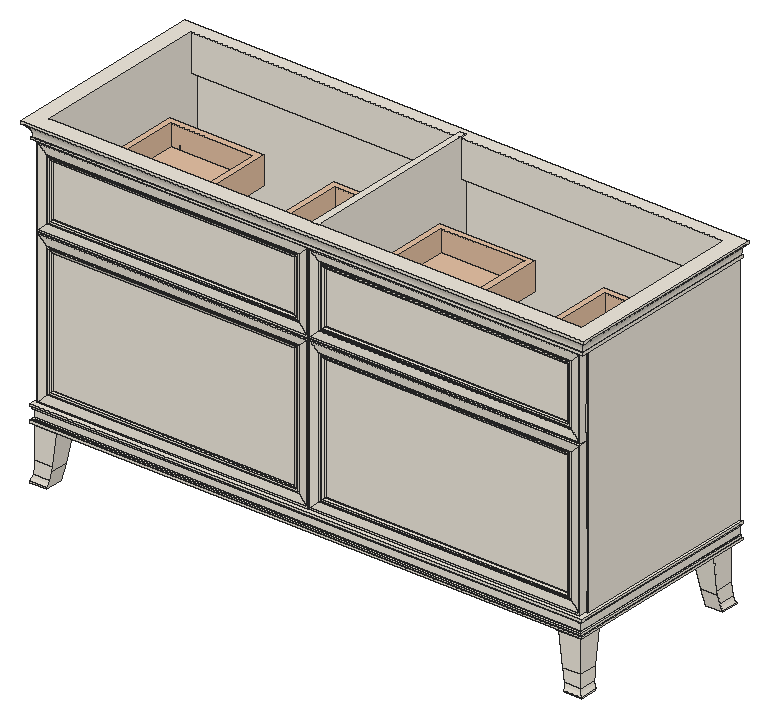
Revit family "Furniture-Floor_Mount-Vanity-KOHLER-HARKEN -K-33560", category Casework, host Face, Revit 2017
Family settings
  Host = Face
  OmniClass Number = 23.31.25.13
  OmniClass Title = Bathroom Cabinets
  Cut with Voids When Loaded = No
  Shared = No
  Room Calculation Point = No
Parameters (values of type "1WA-Linen White")
  Width = 60"  # constant formula
  WaterSense Certified = 1 = 0  # no
  URL = "https://www.us.kohler.com/us/"
  Type = 1
  Product Page URL = "http://www.us.kohler.com/us/catalog/productDetails.jsp?productId=33560-1WA"
  Product Name = "HARKEN"  # constant formula
  Product Documentation Link = "https://www.us.kohler.com/webassets/kpna/catalog/pdf/en/K-33560_spec.pdf"
  Model = if(Type = 1, "K-33560-1WA", if(Type = 2, "K-33560-1WX", "NA"))  # "K-33560-1WA"
  Material = "Solid Wood"  # constant formula
  Master Format 2014 Name = "Bathroom Casework"  # constant formula
  Master Format 2014 = "12 35 30.23"  # constant formula
  Manufacturer Address = "KOHLER Co. 444 Highland Dr. Kohler, WI 53044"  # constant formula
  Manufacturer = "KOHLER Co."  # constant formula
  Product Finish = Kohler-Wood-1WA-Linen_White
  Height = 34.48819"  # constant formula
  Hardware Included = 0 = 1  # no
  Finish = if(Type = 1, "Kohler-Wood-1WA-Linen White", if(Type = 2, "Kohler-Wood-1WX-New_Dark_Grey", "NA"))  # "Kohler-Wood-1WA-Linen White"
  Environmental Product Declaration = ""
  Description = "VANITY 60 INCHES"  # constant formula
  Depth = 21.37795"  # constant formula
  Default Elevation = 0"
  Declare Label = ""
  Date Modified = "02/18/2021"  # constant formula
  Date Created = "02/18/2021"  # constant formula
  Copyright = "Copyright KOHLER Co."  # constant formula
  Contact Us = "https://www.us.kohler.com/us/static/contact.jsp"
  Construction Type = "Floor Mount"  # constant formula
  Assembly Code = "E2010.30"
  ADA Compliant = 1 = 0  # no
Reference planes (in)
  plane 1 "Center (Front/Back)": y = 0
  plane 2: z = 0
  plane 3 "Center (Left/Right)": x = 0
  plane 4: z = 34.48819
  plane 5: x = 28.45669
  plane 6: x = -28.45669
  plane 7: z = 5.70844
  plane 8: x = -30
  plane 9: x = 30
  plane 10: y = 10.68898
  plane 11: y = -10.68898
Dimensions and locks (in)
  "Height": plane 4 to level
  locked: plane 6 to plane 5 at 56.91339
  locked: plane 7 to level at 5.70844
  "Width": plane 8 to plane 9
  "Depth": plane 10 to plane 11
  aligned and locked: plane 2 to host face
  aligned and locked: level to host face
Automatic sketch dimensions
  host sketch curve to host sketch curve = 96"  (x2)
Nested families (in)
  nested 1: "K-33560" at (0, 0, 0), type "K-33560"
Definition of nested family "K-33560"
  Parameters (values of type "K-33560")
    Material = none
  Reference planes (in)
    plane 1 "Center (Front/Back)": y = 0
    plane 2: z = 0
    plane 3 "Center (Left/Right)": x = 0
    plane 4: z = 34.48797
    plane 5: z = 5.70844
    plane 6: x = -30
    plane 7: x = 30
    plane 8: x = 28.45669
    plane 9: x = -28.45669
  Forms (in)
    Sweep 1, solid, material <- "Material"
      path origin (0, 0, 0) x (1, 0, 0) y (0, 1, 0)
        loop
          line (-30, 10.68898) -> (-30, -11.20079) -> (30, -11.20079) -> (30, 10.68898)
      profile origin (0, -11.20079, 0) x (0, 1, 0) y (0, 0, 1)
        loop
          line (4.71667, 34.48797) -> (0, 34.48797) -> (0, 34.17301)
          arc (0, 34.17301) -> (0.55132, 33.64836) -> (0.74803, 32.91317) r 1.40448
          line (0.74803, 32.91317) -> (0.62992, 32.91317) -> (0.62992, 32.67694) -> (4.71667, 32.67694) -> (4.71667, 34.48797)
        loop
          line (4.71667, 7.51946) -> (0.47244, 7.51946) -> (0.47244, 7.28324) -> (0.59055, 7.28324) -> (0.59055, 7.16513)
          arc (0.59055, 7.16513) -> (0.64161, 7.11387) -> (0.66929, 7.04702) r 0.18633
          line (0.66929, 7.04702) -> (0.7874, 7.04702) -> (0.7874, 6.18088) -> (0.66929, 6.18088)
          arc (0.66929, 6.18088) -> (0.64139, 6.11418) -> (0.59055, 6.06277) r 0.18962
          line (0.59055, 6.06277) -> (0.59055, 5.94466) -> (0.47244, 5.94466) -> (0.47244, 5.70844) -> (4.71667, 5.70844) -> (4.71667, 7.51946)
    Extrusion 2, solid, material <- "Material"
      sketch origin (0, 0, 0) x (1, 0, 0) y (0, 0, 1)
        loop
          line (29.05512, 5.70844) -> (29.05512, 34.48797) -> (-29.05512, 34.48797) -> (-29.05512, 5.70844) -> (29.05512, 5.70844)
      from -10.68898 to 9.4685
    Extrusion 3, void
      sketch origin (0, 0, 0) x (1, 0, 0) y (0, 1, 0)
        loop
          line (-28.34646, 9.46817) -> (-28.34646, -9.4685) -> (28.34646, -9.4685) -> (28.34646, 9.46817) -> (-28.34646, 9.46817)
      from 8.22813 to 38.8933
    Extrusion 4, solid, material <- "Material", detail levels medium+fine
      sketch origin (0, 0, 0) x (0, 1, 0) y (0, 0, 1)
        loop
          line (-9.4685, 32.67694) -> (-9.4685, 7.51946) -> (-9.43655, 7.51946) -> (-9.43655, 32.67694) -> (-9.4685, 32.67694)
      from -29.05512 to 29.05512
    Sweep 5, solid, material <- "Material", detail levels medium+fine
      path origin (0, 0, 0) x (1, 0, 0) y (0, 0, 1)
        loop
          line (-0.05905, 32.55883) -> (-28.95669, 32.55883) -> (-28.95669, 23.97616) -> (-0.05905, 23.97616) -> (-0.05905, 32.55883)
      profile origin (-14.50787, 0, 32.55883) x (0, 0, -1) y (0, -1, 0)
        loop
          line (0, 9.58667) -> (3.93701, 9.58667) -> (3.93701, 10.05867) -> (1.53561, 10.05867) -> (1.49606, 10.15753) -> (1.29921, 10.25596) -> (1.1811, 10.25596) -> (1.16142, 10.13785) -> (1.00394, 10.13785) -> (0.98425, 10.25596) -> (0.11811, 10.37407) -> (0, 10.37407) -> (0, 9.58667)
    Extrusion 6, solid, material <- "Material", detail levels medium+fine
      sketch origin (0, 0, 0) x (1, 0, 0) y (0, 0, 1)
        loop
          line (-25.01968, 28.62183) -> (-25.01968, 27.91317) -> (-3.99606, 27.91317) -> (-3.99606, 28.62183) -> (-25.01968, 28.62183)
      from 9.58667 to 10.05867
    Sweep 7, solid, material <- "Material", detail levels medium+fine
      path origin (0, 0, 0) x (1, 0, 0) y (0, 0, 1)
        loop
          line (-0.05905, 23.85805) -> (-28.95669, 23.85805) -> (-28.95669, 7.63757) -> (-0.05905, 7.63757) -> (-0.05905, 23.85805)
      profile origin (-14.50787, 0, 23.85805) x (0, 0, -1) y (0, -1, 0)
        loop
          line (0, 9.5865) -> (6.69291, 9.5865) -> (6.69291, 10.0585) -> (1.53561, 10.0585) -> (1.49606, 10.15737) -> (1.29921, 10.2558) -> (1.1811, 10.2558) -> (1.16142, 10.13769) -> (1.00394, 10.13769) -> (0.98425, 10.2558) -> (0.11811, 10.37391) -> (0, 10.37391) -> (0, 9.5865)
    Extrusion 8, solid, material <- "Material", detail levels medium+fine
      sketch origin (0, 0, 0) x (1, 0, 0) y (0, 0, 1)
        loop
          line (-22.26378, 17.16513) -> (-22.26378, 14.33049) -> (-6.75197, 14.33049) -> (-6.75197, 17.16513) -> (-22.26378, 17.16513)
      from 9.5865 to 10.0585
    Extrusion 9, solid, material <- "Material", detail levels medium+fine
      sketch origin (0, -0.25728, -0.0019) x (0, 1, 0) y (0, 0, 1)
        loop
          arc (-9.24964, 27.71833) -> (-9.30603, 27.69497) -> (-9.32939, 27.63857) r 0.07975
          line (-9.32939, 27.63857) -> (-9.32939, 24.76557) -> (-9.21123, 24.76557) -> (-9.21123, 27.71833) -> (-9.24964, 27.71833)
        loop
          line (-9.21123, 15.51344) -> (-9.25049, 15.51344)
          arc (-9.25049, 15.51344) -> (-9.30616, 15.49038) -> (-9.32923, 15.4347) r 0.07874
          line (-9.32923, 15.4347) -> (-9.32923, 9.60793) -> (-9.21123, 9.60793) -> (-9.21123, 15.51344)
      from -28.95669 to 28.95669
    Sweep 10, solid, material <- "Material", detail levels medium+fine
      path origin (0, 0, 0) x (-1, 0, 0) y (0, 0, 1)
        loop
          line (-0.05905, 32.55883) -> (-28.95669, 32.55883) -> (-28.95669, 23.97616) -> (-0.05905, 23.97616) -> (-0.05905, 32.55883)
      profile origin (14.50787, 0, 32.55883) x (0, 0, 1) y (0, -1, 0)
        loop
          line (0, 9.58667) -> (0, 10.37407) -> (-0.11811, 10.37407) -> (-0.98425, 10.25596) -> (-1.00394, 10.13785) -> (-1.16142, 10.13785) -> (-1.1811, 10.25596) -> (-1.29921, 10.25596) -> (-1.49606, 10.15753) -> (-1.53561, 10.05867) -> (-3.93701, 10.05867) -> (-3.93701, 9.58667) -> (0, 9.58667)
    Sweep 11, solid, material <- "Material", detail levels medium+fine
      path origin (0, 0, 0) x (-1, 0, 0) y (0, 0, 1)
        loop
          line (-0.05905, 23.85805) -> (-28.95669, 23.85805) -> (-28.95669, 7.63757) -> (-0.05905, 7.63757) -> (-0.05905, 23.85805)
      profile origin (14.50787, 0, 23.85805) x (0, 0, 1) y (0, -1, 0)
        loop
          line (0, 9.5865) -> (0, 10.37391) -> (-0.11811, 10.37391) -> (-0.98425, 10.2558) -> (-1.00394, 10.13769) -> (-1.16142, 10.13769) -> (-1.1811, 10.2558) -> (-1.29921, 10.2558) -> (-1.49606, 10.15737) -> (-1.53561, 10.0585) -> (-6.69291, 10.0585) -> (-6.69291, 9.5865) -> (0, 9.5865)
    Extrusion 12, solid, material <- "Material", detail levels medium+fine
      sketch origin (0, 0, 0) x (-1, 0, 0) y (0, 0, -1)
        loop
          line (-25.01968, -28.62183) -> (-3.99606, -28.62183) -> (-3.99606, -27.91317) -> (-25.01968, -27.91317) -> (-25.01968, -28.62183)
      from 9.58667 to 10.05867
    Extrusion 13, solid, material <- "Material", detail levels medium+fine
      sketch origin (0, 0, 0) x (-1, 0, 0) y (0, 0, -1)
        loop
          line (-22.26378, -17.16513) -> (-6.75197, -17.16513) -> (-6.75197, -14.33049) -> (-22.26378, -14.33049) -> (-22.26378, -17.16513)
      from 9.5865 to 10.0585
    Extrusion 14, solid, material <- "Material", detail levels medium+fine
      sketch origin (0, 0, 0) x (1, 0, 0) y (0, 0, 1)
        loop
          arc (-29.05777, 2.07893) -> (-29.07485, 1.43058) -> (-29.14049, 0.78533) r 8.64397
          arc (-29.14049, 0.78533) -> (-29.2238, 0.4403) -> (-29.37273, 0.11811) r 1.81328
          line (-29.37273, 0.11811) -> (-29.37273, 0) -> (-27.56171, 0)
          arc (-27.56171, 0) -> (-27.37862, 0.78501) -> (-27.24268, 1.57954) r 13.51115
          line (-27.24268, 1.57954) -> (-26.69557, 5.47244) -> (-29.05777, 5.47244) -> (-29.05777, 2.07893)
      from 7.22501 to 11.50413
    Extrusion 15, void
      sketch origin (0, 0, 0) x (0, 1, 0) y (0, 0, 1)
        loop
          arc (-10.41339, 2.07893) -> (-10.43409, 1.43081) -> (-10.4961, 0.78533) r 10.15706
          arc (-10.4961, 0.78533) -> (-10.57753, 0.43964) -> (-10.72835, 0.11812) r 1.71658
          line (-10.72835, 0.11812) -> (-10.72835, 0) -> (-8.91732, 0)
          arc (-8.91732, 0) -> (-8.73424, 0.78501) -> (-8.59829, 1.57954) r 13.51115
          line (-8.59829, 1.57954) -> (-8.05118, 5.47244) -> (-10.41339, 5.47244) -> (-10.41339, 2.07893)
        loop
          line (-11.72111, 6.21798) -> (-11.72111, -0.47493) -> (-7.09512, -0.47493) -> (-7.09512, 6.21798) -> (-11.72111, 6.21798)
      from -34.73225 to 35.74638
    Extrusion 16, solid, material <- "Material", detail levels medium+fine
      sketch origin (0, 0, 0) x (-1, 0, 0) y (0, 0, -1)
        loop
          line (-29.05777, -2.07893) -> (-29.05777, -5.47244) -> (-26.69557, -5.47244) -> (-27.24268, -1.57954)
          arc (-27.24268, -1.57954) -> (-27.37862, -0.78501) -> (-27.56171, 0) r 13.51115
          line (-27.56171, 0) -> (-29.37273, 0) -> (-29.37273, -0.11811)
          arc (-29.37273, -0.11811) -> (-29.2238, -0.4403) -> (-29.14049, -0.78533) r 1.81328
          arc (-29.14049, -0.78533) -> (-29.07485, -1.43058) -> (-29.05777, -2.07893) r 8.64397
      from 7.22501 to 11.50413
    Extrusion 17, solid, material <- "Material", detail levels medium+fine
      sketch origin (0, 0, 0) x (-1, 0, 0) y (0, 0, 1)
        loop
          arc (-29.05777, 2.07893) -> (-29.07485, 1.43058) -> (-29.14049, 0.78533) r 8.64397
          arc (-29.14049, 0.78533) -> (-29.2238, 0.4403) -> (-29.37273, 0.11811) r 1.81328
          line (-29.37273, 0.11811) -> (-29.37273, 0) -> (-27.56171, 0)
          arc (-27.56171, 0) -> (-27.37862, 0.78501) -> (-27.24268, 1.57954) r 13.51115
          line (-27.24268, 1.57954) -> (-26.69557, 5.47244) -> (-29.05777, 5.47244) -> (-29.05777, 2.07893)
      from 7.05316 to 10.17717
    Extrusion 18, solid, material <- "Material", detail levels medium+fine
      sketch origin (0, 0, 0) x (1, 0, 0) y (0, 0, -1)
        loop
          line (-29.05777, -2.07893) -> (-29.05777, -5.47244) -> (-26.69557, -5.47244) -> (-27.24268, -1.57954)
          arc (-27.24268, -1.57954) -> (-27.37862, -0.78501) -> (-27.56171, 0) r 13.51115
          line (-27.56171, 0) -> (-29.37273, 0) -> (-29.37273, -0.11811)
          arc (-29.37273, -0.11811) -> (-29.2238, -0.4403) -> (-29.14049, -0.78533) r 1.81328
          arc (-29.14049, -0.78533) -> (-29.07485, -1.43058) -> (-29.05777, -2.07893) r 8.64397
      from 7.09512 to 10.17717
    Extrusion 19, void
      sketch origin (0, 0, 0) x (0, 1, 0) y (0, 0, 1)
        loop
          line (9.58692, 2.07893) -> (9.58692, 5.47244) -> (7.22471, 5.47244) -> (7.77182, 1.57954)
          arc (7.77182, 1.57954) -> (7.90777, 0.78501) -> (8.09085, 0) r 13.51115
          line (8.09085, 0) -> (9.90188, 0) -> (9.90188, 0.11812)
          arc (9.90188, 0.11812) -> (9.75106, 0.43964) -> (9.66963, 0.78533) r 1.71658
          arc (9.66963, 0.78533) -> (9.60762, 1.43081) -> (9.58692, 2.07893) r 10.15706
        loop
          line (10.89464, 6.21798) -> (6.26865, 6.21798) -> (6.26865, -0.47493) -> (10.89464, -0.47493) -> (10.89464, 6.21798)
      from -33.62709 to 32.43652
    Extrusion 20, solid, material <- "Material", detail levels medium+fine
      sketch origin (0, 0, 0) x (1, 0, 0) y (0, 1, 0)
        loop
          line (-27.38479, -6.20972) -> (-29.05512, -7.88005) -> (-29.05512, -10.41339) -> (-26.52178, -10.41339) -> (-24.85145, -8.74305)
          arc (-24.85145, -8.74305) -> (-24.79379, -8.60386) -> (-24.85145, -8.46467) r 0.19685
          line (-24.85145, -8.46467) -> (-27.1064, -6.20972)
          arc (-27.1064, -6.20972) -> (-27.24559, -6.15206) -> (-27.38479, -6.20972) r 0.19685
        loop
          line (27.38479, 5.38541) -> (29.05512, 7.05574) -> (29.05512, 9.58907) -> (26.52178, 9.58907) -> (24.85145, 7.91874)
          arc (24.85145, 7.91874) -> (24.79379, 7.77955) -> (24.85145, 7.64036) r 0.19685
          line (24.85145, 7.64036) -> (27.1064, 5.38541)
          arc (27.1064, 5.38541) -> (27.24559, 5.32775) -> (27.38479, 5.38541) r 0.19685
        loop
          arc (-27.38479, 5.38283) -> (-27.24559, 5.32517) -> (-27.1064, 5.38283) r 0.19685
          line (-27.1064, 5.38283) -> (-24.85145, 7.63778)
          arc (-24.85145, 7.63778) -> (-24.79379, 7.77697) -> (-24.85145, 7.91617) r 0.19685
          line (-24.85145, 7.91617) -> (-26.52178, 9.5865) -> (-29.05512, 9.5865) -> (-29.05512, 7.05316) -> (-27.38479, 5.38283)
        loop
          arc (27.38479, -6.20972) -> (27.24559, -6.15206) -> (27.1064, -6.20972) r 0.19685
          line (27.1064, -6.20972) -> (24.85145, -8.46467)
          arc (24.85145, -8.46467) -> (24.7938, -8.60386) -> (24.85145, -8.74305) r 0.19685
          line (24.85145, -8.74305) -> (26.52178, -10.41339) -> (29.05512, -10.41339) -> (29.05512, -7.88005) -> (27.38479, -6.20972)
      from 5.47244 to 5.94466
    Extrusion 21, solid
      sketch origin (0, 0, 0) x (1, 0, 0) y (0, 1, 0)
        loop
          line (-18.0709, 6.3584) -> (-28.14946, 6.3584) -> (-28.14946, -9.4685) -> (-0.62976, -9.4685) -> (-0.62976, 6.3584) -> (-10.70831, 6.3584) -> (-10.70831, -2.89359) -> (-18.0709, -2.89359) -> (-18.0709, 6.3584)
        loop
          line (-18.0709, -8.99595) -> (-10.70831, -8.99595) -> (-10.70831, -3.48414) -> (-18.0709, -3.48414) -> (-18.0709, -8.99595)
        loop
          line (-27.5589, -8.99595) -> (-18.66146, -8.99595) -> (-18.66146, 5.76785) -> (-27.5589, 5.76785) -> (-27.5589, -8.99595)
        loop
          line (-1.22031, -8.99595) -> (-1.22031, 5.76785) -> (-10.11776, 5.76785) -> (-10.11776, -8.99595) -> (-1.22031, -8.99595)
      from 24.76356 to 27.71643
    Extrusion 22, solid
      sketch origin (0, 0, 0) x (1, 0, 0) y (0, 1, 0)
        loop
          line (-18.0709, -8.99595) -> (-10.70831, -8.99595) -> (-10.70831, -3.48414) -> (-18.0709, -3.48414) -> (-18.0709, -8.99595)
        loop
          line (-27.5589, -8.99595) -> (-18.66146, -8.99595) -> (-18.66146, 5.76785) -> (-27.5589, 5.76785) -> (-27.5589, -8.99595)
        loop
          line (-1.22031, -8.99595) -> (-1.22031, 5.76785) -> (-10.11776, 5.76785) -> (-10.11776, -8.99595) -> (-1.22031, -8.99595)
      from 25.15726 to 25.47222
    Extrusion 23, solid
      sketch origin (0, 0, 0) x (-1, 0, 0) y (0, -1, 0)
        loop
          line (-18.0709, -6.3584) -> (-18.0709, 2.89359) -> (-10.70831, 2.89359) -> (-10.70831, -6.3584) -> (-0.62976, -6.3584) -> (-0.62976, 9.4685) -> (-28.14946, 9.4685) -> (-28.14946, -6.3584) -> (-18.0709, -6.3584)
        loop
          line (-18.0709, 8.99595) -> (-18.0709, 3.48414) -> (-10.70831, 3.48414) -> (-10.70831, 8.99595) -> (-18.0709, 8.99595)
        loop
          line (-27.5589, 8.99595) -> (-27.5589, -5.76785) -> (-18.66146, -5.76785) -> (-18.66146, 8.99595) -> (-27.5589, 8.99595)
        loop
          line (-1.22031, 8.99595) -> (-10.11776, 8.99595) -> (-10.11776, -5.76785) -> (-1.22031, -5.76785) -> (-1.22031, 8.99595)
      from 24.76356 to 27.71643
    Extrusion 24, solid
      sketch origin (0, 0, 0) x (-1, 0, 0) y (0, -1, 0)
        loop
          line (-18.0709, 8.99595) -> (-18.0709, 3.48414) -> (-10.70831, 3.48414) -> (-10.70831, 8.99595) -> (-18.0709, 8.99595)
        loop
          line (-27.5589, 8.99595) -> (-27.5589, -5.76785) -> (-18.66146, -5.76785) -> (-18.66146, 8.99595) -> (-27.5589, 8.99595)
        loop
          line (-1.22031, 8.99595) -> (-10.11776, 8.99595) -> (-10.11776, -5.76785) -> (-1.22031, -5.76785) -> (-1.22031, 8.99595)
      from 25.15726 to 25.47222
    Extrusion 25, solid, material <- "Material"
      sketch origin (0, 0, 0) x (1, 0, 0) y (0, 1, 0)
        loop
          line (-0.35433, -9.43655) -> (0.35433, -9.43655) -> (0.35433, 10.17717) -> (-0.35433, 10.17717) -> (-0.35433, -9.43655)
      from 5.70844 to 34.48797
    Extrusion 26, solid
      sketch origin (0, 0, 0) x (1, 0, 0) y (0, 0, 1)
        loop
          line (28.14946, 9.60613) -> (28.14946, 15.4355)
          arc (28.14946, 15.4355) -> (28.12716, 15.48934) -> (28.07332, 15.51164) r 0.07614
          line (28.07332, 15.51164) -> (27.63388, 15.51164)
          arc (27.63388, 15.51164) -> (27.58087, 15.48968) -> (27.55891, 15.43666) r 0.07498
          line (27.55891, 15.43666) -> (27.55891, 10.27542) -> (18.66127, 10.27542) -> (18.66127, 15.43462)
          arc (18.66127, 15.43462) -> (18.63871, 15.48908) -> (18.58425, 15.51164) r 0.07702
          line (18.58425, 15.51164) -> (18.14982, 15.51164)
          arc (18.14982, 15.51164) -> (18.09389, 15.48847) -> (18.07072, 15.43253) r 0.0791
          line (18.07072, 15.43253) -> (18.07072, 10.27542) -> (10.7085, 10.27542) -> (10.7085, 15.43286)
          arc (10.7085, 15.43286) -> (10.68542, 15.48856) -> (10.62972, 15.51164) r 0.07878
          line (10.62972, 15.51164) -> (10.19553, 15.51164)
          arc (10.19553, 15.51164) -> (10.14067, 15.48892) -> (10.11795, 15.43406) r 0.07758
          line (10.11795, 15.43406) -> (10.11795, 10.2951) -> (1.22034, 10.2951) -> (1.22034, 15.43666)
          arc (1.22034, 15.43666) -> (1.19838, 15.48968) -> (1.14536, 15.51164) r 0.07498
          line (1.14536, 15.51164) -> (0.70593, 15.51164)
          arc (0.70593, 15.51164) -> (0.65209, 15.48934) -> (0.62979, 15.4355) r 0.07614
          line (0.62979, 15.4355) -> (0.62979, 9.60613) -> (1.22034, 9.60613) -> (1.22034, 10.07857) -> (27.55891, 10.07857) -> (27.55891, 9.60613) -> (28.14946, 9.60613)
      from -7.85473 to 9.84252
    Extrusion 27, solid
      sketch origin (0, 0, 0) x (0, 1, 0) y (0, 0, 1)
        loop
          line (7.73635, 15.4329) -> (7.73635, 9.60613) -> (8.3269, 9.60613) -> (8.3269, 15.4329)
          arc (8.3269, 15.4329) -> (8.30384, 15.48858) -> (8.24816, 15.51164) r 0.07874
          line (8.24816, 15.51164) -> (7.81509, 15.51164)
          arc (7.81509, 15.51164) -> (7.75941, 15.48858) -> (7.73635, 15.4329) r 0.07874
      from 0.35433 to 28.14946
    Extrusion 28, void
      sketch origin (0, 0, 0) x (1, 0, 0) y (0, 0, 1)
        loop
          line (18.07071, 13.42502) -> (18.07071, 16.51972) -> (10.70851, 16.51972) -> (10.70851, 13.42118)
          arc (10.70851, 13.42118) -> (10.84575, 13.08983) -> (11.1771, 12.95258) r 0.46859
          line (11.1771, 12.95258) -> (17.59827, 12.95258)
          arc (17.59827, 12.95258) -> (17.93234, 13.09096) -> (18.07071, 13.42502) r 0.47244
      from -9.5865 to -6.00408
    Extrusion 29, void
      sketch origin (0, 0, 0) x (1, 0, 0) y (0, 0, 1)
        loop
          arc (-18.07071, 13.42502) -> (-17.93234, 13.09096) -> (-17.59827, 12.95258) r 0.47244
          line (-17.59827, 12.95258) -> (-11.1771, 12.95258)
          arc (-11.1771, 12.95258) -> (-10.84575, 13.08983) -> (-10.70851, 13.42118) r 0.46859
          line (-10.70851, 13.42118) -> (-10.70851, 16.51972) -> (-18.07071, 16.51972) -> (-18.07071, 13.42502)
      from -9.58692 to -6.3584
    Extrusion 30, solid
      sketch origin (0, 0, 0) x (0, 1, 0) y (0, 0, -1)
        loop
          arc (7.73635, -15.4329) -> (7.75941, -15.48858) -> (7.81509, -15.51164) r 0.07874
          line (7.81509, -15.51164) -> (8.24816, -15.51164)
          arc (8.24816, -15.51164) -> (8.30384, -15.48858) -> (8.3269, -15.4329) r 0.07874
          line (8.3269, -15.4329) -> (8.3269, -9.60613) -> (7.73635, -9.60613) -> (7.73635, -15.4329)
      from 0.35433 to 28.14946
    Extrusion 31, solid
      sketch origin (0, 0, 0) x (-1, 0, 0) y (0, 0, -1)
        loop
          line (28.14946, -9.60613) -> (27.55891, -9.60613) -> (27.55891, -10.07857) -> (1.22034, -10.07857) -> (1.22034, -9.60613) -> (0.62979, -9.60613) -> (0.62979, -15.4355)
          arc (0.62979, -15.4355) -> (0.65209, -15.48934) -> (0.70593, -15.51164) r 0.07614
          line (0.70593, -15.51164) -> (1.14536, -15.51164)
          arc (1.14536, -15.51164) -> (1.19838, -15.48968) -> (1.22034, -15.43666) r 0.07498
          line (1.22034, -15.43666) -> (1.22034, -10.2951) -> (10.11795, -10.2951) -> (10.11795, -15.43406)
          arc (10.11795, -15.43406) -> (10.14067, -15.48892) -> (10.19553, -15.51164) r 0.07758
          line (10.19553, -15.51164) -> (10.62972, -15.51164)
          arc (10.62972, -15.51164) -> (10.68542, -15.48856) -> (10.7085, -15.43286) r 0.07878
          line (10.7085, -15.43286) -> (10.7085, -10.27542) -> (18.07072, -10.27542) -> (18.07072, -15.43253)
          arc (18.07072, -15.43253) -> (18.09389, -15.48847) -> (18.14982, -15.51164) r 0.0791
          line (18.14982, -15.51164) -> (18.58425, -15.51164)
          arc (18.58425, -15.51164) -> (18.63871, -15.48908) -> (18.66127, -15.43462) r 0.07702
          line (18.66127, -15.43462) -> (18.66127, -10.27542) -> (27.55891, -10.27542) -> (27.55891, -15.43666)
          arc (27.55891, -15.43666) -> (27.58087, -15.48968) -> (27.63388, -15.51164) r 0.07498
          line (27.63388, -15.51164) -> (28.07332, -15.51164)
          arc (28.07332, -15.51164) -> (28.12716, -15.48934) -> (28.14946, -15.4355) r 0.07614
          line (28.14946, -15.4355) -> (28.14946, -9.60613)
      from -7.85473 to 9.4685
    Extrusion 32, solid, material <- "Material", detail levels medium+fine
      sketch origin (12.01312, 0, 15.14656) x (1, 0, 0) y (0, 0, 1)
        loop
          line (15.3947, 10.59077) -> (15.20556, 10.63015)
          arc (15.20556, 10.63015) -> (14.69655, 10.40376) -> (15.20556, 10.17738) r 0.30485
          line (15.20556, 10.17738) -> (15.3947, 10.21676) -> (15.50202, 10.21676) -> (15.58651, 10.40376) -> (15.50202, 10.59077) -> (15.3947, 10.59077)
      from -6.71135 to -6.65308
    Extrusion 33, solid, material <- "Material", detail levels medium+fine
      sketch origin (12.01034, 0, 15.15685) x (1, 0, 0) y (0, 0, 1)
        loop
          line (14.32627, 9.39422) -> (15.49556, 9.39422) -> (15.49556, 10.01423)
          arc (15.49556, 10.01423) -> (15.47652, 10.06021) -> (15.43053, 10.07926) r 0.06503
          line (15.43053, 10.07926) -> (14.39443, 10.07926)
          arc (14.39443, 10.07926) -> (14.34624, 10.0593) -> (14.32627, 10.01111) r 0.06815
          line (14.32627, 10.01111) -> (14.32627, 9.39422)
      from -6.71135 to 8.28773
    Extrusion 34, solid, material <- "Material", detail levels medium+fine
      sketch origin (12.00788, 0, 15.15685) x (1, 0, 0) y (0, 0, 1)
        loop
          line (15.27638, 9.39422) -> (14.55197, 9.39422) -> (14.55197, 9.28652)
          arc (14.55197, 9.28652) -> (14.5439, 9.26705) -> (14.52443, 9.25898) r 0.02754
          line (14.52443, 9.25898) -> (14.30394, 9.25898) -> (14.30394, 9.20052) -> (15.27638, 9.20052) -> (15.27638, 9.39422)
      from -6.53419 to 5.49337
    Extrusion 35, solid, material <- "Material"
      sketch origin (12.00465, 0, 15.16015) x (1, 0, 0) y (0, 0, 1)
        loop
          line (14.90599, 9.03167) -> (16.15266, 9.03167)
          arc (16.15266, 9.03167) -> (16.28629, 9.08702) -> (16.34164, 9.22065) r 0.18898
          line (16.34164, 9.22065) -> (16.3418, 10.90175) -> (16.27077, 10.90175) -> (16.27077, 10.8053) -> (16.2314, 10.75411) -> (16.2314, 9.71081) -> (16.27077, 9.65963) -> (16.27077, 9.2185)
          arc (16.27077, 9.2185) -> (16.23681, 9.1365) -> (16.15481, 9.10254) r 0.11596
          line (16.15481, 9.10254) -> (14.90425, 9.10254)
          arc (14.90425, 9.10254) -> (14.87668, 9.11396) -> (14.86526, 9.14153) r 0.039
          line (14.86526, 9.14153) -> (14.86526, 9.19722) -> (14.79439, 9.19722) -> (14.79439, 9.14327)
          arc (14.79439, 9.14327) -> (14.82708, 9.06436) -> (14.90599, 9.03167) r 0.1116
      from -5.58126 to 8.03274
    Extrusion 36, solid, material <- "Material"
      sketch origin (0, 0, 0) x (1, 0, 0) y (0, 0, 1)
        loop
          line (28.22047, 24.55009) -> (27.77501, 24.55009) -> (27.77501, 24.26269) -> (28.22047, 24.26269) -> (28.22047, 24.55009)
      from -3.95133 to 6.04913
    Extrusion 37, solid, material <- "Material", detail levels medium+fine
      sketch origin (0, 0, 0) x (1, 0, 0) y (0, 0, 1)
        loop
          line (27.30906, 25.89359) -> (26.58071, 25.89359) -> (26.58071, 25.23611) -> (27.44685, 25.23611) -> (27.44685, 25.76761) -> (27.30906, 25.76761) -> (27.30906, 25.89359)
      from -6.65308 to -5.83754
    Extrusion 38, solid, material <- "Material", detail levels medium+fine
      sketch origin (-12.01312, 0, 15.14656) x (-1, 0, 0) y (0, 0, -1)
        loop
          line (15.3947, -10.59077) -> (15.50202, -10.59077) -> (15.58651, -10.40376) -> (15.50202, -10.21676) -> (15.3947, -10.21676) -> (15.20556, -10.17738)
          arc (15.20556, -10.17738) -> (14.69655, -10.40376) -> (15.20556, -10.63015) r 0.30485
          line (15.20556, -10.63015) -> (15.3947, -10.59077)
      from -6.71135 to -6.65308
    Extrusion 39, solid, material <- "Material", detail levels medium+fine
      sketch origin (-12.01034, 0, 15.15685) x (-1, 0, 0) y (0, 0, -1)
        loop
          line (14.32627, -9.39422) -> (14.32627, -10.01111)
          arc (14.32627, -10.01111) -> (14.34624, -10.0593) -> (14.39443, -10.07926) r 0.06815
          line (14.39443, -10.07926) -> (15.43053, -10.07926)
          arc (15.43053, -10.07926) -> (15.47652, -10.06021) -> (15.49556, -10.01423) r 0.06503
          line (15.49556, -10.01423) -> (15.49556, -9.39422) -> (14.32627, -9.39422)
      from -6.71135 to 8.28773
    Extrusion 40, solid, material <- "Material"
      sketch origin (-12.00465, 0, 15.16015) x (-1, 0, 0) y (0, 0, -1)
        loop
          arc (14.90599, -9.03167) -> (14.82708, -9.06436) -> (14.79439, -9.14327) r 0.1116
          line (14.79439, -9.14327) -> (14.79439, -9.19722) -> (14.86526, -9.19722) -> (14.86526, -9.14153)
          arc (14.86526, -9.14153) -> (14.87668, -9.11396) -> (14.90425, -9.10254) r 0.039
          line (14.90425, -9.10254) -> (16.15481, -9.10254)
          arc (16.15481, -9.10254) -> (16.23681, -9.1365) -> (16.27077, -9.2185) r 0.11596
          line (16.27077, -9.2185) -> (16.27077, -9.65963) -> (16.2314, -9.71081) -> (16.2314, -10.75411) -> (16.27077, -10.8053) -> (16.27077, -10.90175) -> (16.3418, -10.90175) -> (16.34164, -9.22065)
          arc (16.34164, -9.22065) -> (16.28629, -9.08702) -> (16.15266, -9.03167) r 0.18898
          line (16.15266, -9.03167) -> (14.90599, -9.03167)
      from -5.58126 to 8.03274
    Extrusion 41, solid, material <- "Material"
      sketch origin (0, 0, 0) x (-1, 0, 0) y (0, 0, -1)
        loop
          line (28.22047, -24.55009) -> (28.22047, -24.26269) -> (27.77501, -24.26269) -> (27.77501, -24.55009) -> (28.22047, -24.55009)
      from -3.95133 to 6.04913
    Extrusion 42, solid, material <- "Material", detail levels medium+fine
      sketch origin (0, 0, 0) x (-1, 0, 0) y (0, 0, -1)
        loop
          line (27.30906, -25.89359) -> (27.30906, -25.76761) -> (27.44685, -25.76761) -> (27.44685, -25.23611) -> (26.58071, -25.23611) -> (26.58071, -25.89359) -> (27.30906, -25.89359)
      from -6.65308 to -5.81042
    Extrusion 43, solid, material <- "Material", detail levels medium+fine
      sketch origin (-12.00788, 0, 15.15685) x (-1, 0, 0) y (0, 0, -1)
        loop
          line (15.27638, -9.39422) -> (15.27638, -9.20052) -> (14.30394, -9.20052) -> (14.30394, -9.25898) -> (14.52443, -9.25898)
          arc (14.52443, -9.25898) -> (14.5439, -9.26705) -> (14.55197, -9.28652) r 0.02754
          line (14.55197, -9.28652) -> (14.55197, -9.39422) -> (15.27638, -9.39422)
      from -6.53419 to 5.49337
    Extrusion 44, solid, material <- "Material", detail levels medium+fine
      sketch origin (16.68765, 0, 15.14656) x (-1, 0, 0) y (0, 0, -1)
        loop
          line (15.3947, -10.59077) -> (15.50202, -10.59077) -> (15.58651, -10.40376) -> (15.50202, -10.21676) -> (15.3947, -10.21676) -> (15.20556, -10.17738)
          arc (15.20556, -10.17738) -> (14.69655, -10.40376) -> (15.20556, -10.63015) r 0.30485
          line (15.20556, -10.63015) -> (15.3947, -10.59077)
      from -6.71135 to -6.65308
    Extrusion 45, solid, material <- "Material", detail levels medium+fine
      sketch origin (16.69044, 0, 15.15685) x (-1, 0, 0) y (0, 0, -1)
        loop
          line (14.32627, -9.39422) -> (14.32627, -10.01111)
          arc (14.32627, -10.01111) -> (14.34624, -10.0593) -> (14.39443, -10.07926) r 0.06815
          line (14.39443, -10.07926) -> (15.43053, -10.07926)
          arc (15.43053, -10.07926) -> (15.47652, -10.06021) -> (15.49556, -10.01423) r 0.06503
          line (15.49556, -10.01423) -> (15.49556, -9.39422) -> (14.32627, -9.39422)
      from -6.71135 to 8.28773
    Extrusion 46, solid, material <- "Material", detail levels medium+fine
      sketch origin (16.6929, 0, 15.15685) x (-1, 0, 0) y (0, 0, -1)
        loop
          line (15.27638, -9.39422) -> (15.27638, -9.20052) -> (14.30394, -9.20052) -> (14.30394, -9.25898) -> (14.52443, -9.25898)
          arc (14.52443, -9.25898) -> (14.5439, -9.26705) -> (14.55197, -9.28652) r 0.02754
          line (14.55197, -9.28652) -> (14.55197, -9.39422) -> (15.27638, -9.39422)
      from -6.53419 to 5.49337
    Extrusion 47, solid, material <- "Material"
      sketch origin (16.69612, 0, 15.16015) x (-1, 0, 0) y (0, 0, -1)
        loop
          arc (14.90599, -9.03167) -> (14.82708, -9.06436) -> (14.79439, -9.14327) r 0.1116
          line (14.79439, -9.14327) -> (14.79439, -9.19722) -> (14.86526, -9.19722) -> (14.86526, -9.14153)
          arc (14.86526, -9.14153) -> (14.87668, -9.11396) -> (14.90425, -9.10254) r 0.039
          line (14.90425, -9.10254) -> (16.15481, -9.10254)
          arc (16.15481, -9.10254) -> (16.23681, -9.1365) -> (16.27077, -9.2185) r 0.11596
          line (16.27077, -9.2185) -> (16.27077, -9.65963) -> (16.2314, -9.71081) -> (16.2314, -10.75411) -> (16.27077, -10.8053) -> (16.27077, -10.90175) -> (16.3418, -10.90175) -> (16.34164, -9.22065)
          arc (16.34164, -9.22065) -> (16.28629, -9.08702) -> (16.15266, -9.03167) r 0.18898
          line (16.15266, -9.03167) -> (14.90599, -9.03167)
      from -5.58126 to 8.03274
    Extrusion 48, solid, material <- "Material"
      sketch origin (28.70078, 0, 0) x (-1, 0, 0) y (0, 0, -1)
        loop
          line (28.22047, -24.55009) -> (28.22047, -24.26269) -> (27.77501, -24.26269) -> (27.77501, -24.55009) -> (28.22047, -24.55009)
      from -3.95133 to 6.04913
    Extrusion 49, solid, material <- "Material", detail levels medium+fine
      sketch origin (28.70078, 0, 0) x (-1, 0, 0) y (0, 0, -1)
        loop
          line (27.30906, -25.89359) -> (27.30906, -25.76761) -> (27.44685, -25.76761) -> (27.44685, -25.23611) -> (26.58071, -25.23611) -> (26.58071, -25.89359) -> (27.30906, -25.89359)
      from -6.65308 to -5.91822
    Extrusion 50, solid, material <- "Material", detail levels medium+fine
      sketch origin (-16.68765, 0, 15.14656) x (1, 0, 0) y (0, 0, 1)
        loop
          line (15.3947, 10.59077) -> (15.20556, 10.63015)
          arc (15.20556, 10.63015) -> (14.69655, 10.40376) -> (15.20556, 10.17738) r 0.30485
          line (15.20556, 10.17738) -> (15.3947, 10.21676) -> (15.50202, 10.21676) -> (15.58651, 10.40376) -> (15.50202, 10.59077) -> (15.3947, 10.59077)
      from -6.71135 to -6.65308
    Extrusion 51, solid, material <- "Material", detail levels medium+fine
      sketch origin (-16.69044, 0, 15.15685) x (1, 0, 0) y (0, 0, 1)
        loop
          line (14.32627, 9.39422) -> (15.49556, 9.39422) -> (15.49556, 10.01423)
          arc (15.49556, 10.01423) -> (15.47652, 10.06021) -> (15.43053, 10.07926) r 0.06503
          line (15.43053, 10.07926) -> (14.39443, 10.07926)
          arc (14.39443, 10.07926) -> (14.34624, 10.0593) -> (14.32627, 10.01111) r 0.06815
          line (14.32627, 10.01111) -> (14.32627, 9.39422)
      from -6.71135 to 8.28773
    Extrusion 52, solid, material <- "Material", detail levels medium+fine
      sketch origin (-16.6929, 0, 15.15685) x (1, 0, 0) y (0, 0, 1)
        loop
          line (15.27638, 9.39422) -> (14.55197, 9.39422) -> (14.55197, 9.28652)
          arc (14.55197, 9.28652) -> (14.5439, 9.26705) -> (14.52443, 9.25898) r 0.02754
          line (14.52443, 9.25898) -> (14.30394, 9.25898) -> (14.30394, 9.20052) -> (15.27638, 9.20052) -> (15.27638, 9.39422)
      from -6.53419 to 5.49337
    Extrusion 53, solid, material <- "Material"
      sketch origin (-16.69612, 0, 15.16015) x (1, 0, 0) y (0, 0, 1)
        loop
          line (14.90599, 9.03167) -> (16.15266, 9.03167)
          arc (16.15266, 9.03167) -> (16.28629, 9.08702) -> (16.34164, 9.22065) r 0.18898
          line (16.34164, 9.22065) -> (16.3418, 10.90175) -> (16.27077, 10.90175) -> (16.27077, 10.8053) -> (16.2314, 10.75411) -> (16.2314, 9.71081) -> (16.27077, 9.65963) -> (16.27077, 9.2185)
          arc (16.27077, 9.2185) -> (16.23681, 9.1365) -> (16.15481, 9.10254) r 0.11596
          line (16.15481, 9.10254) -> (14.90425, 9.10254)
          arc (14.90425, 9.10254) -> (14.87668, 9.11396) -> (14.86526, 9.14153) r 0.039
          line (14.86526, 9.14153) -> (14.86526, 9.19722) -> (14.79439, 9.19722) -> (14.79439, 9.14327)
          arc (14.79439, 9.14327) -> (14.82708, 9.06436) -> (14.90599, 9.03167) r 0.1116
      from -5.58126 to 8.03274
    Extrusion 54, solid, material <- "Material"
      sketch origin (-28.70078, 0, 0) x (1, 0, 0) y (0, 0, 1)
        loop
          line (28.22047, 24.55009) -> (27.77501, 24.55009) -> (27.77501, 24.26269) -> (28.22047, 24.26269) -> (28.22047, 24.55009)
      from -3.95133 to 6.04913
    Extrusion 55, solid, material <- "Material", detail levels medium+fine
      sketch origin (-28.70078, 0, 0) x (1, 0, 0) y (0, 0, 1)
        loop
          line (27.30906, 25.89359) -> (26.58071, 25.89359) -> (26.58071, 25.23611) -> (27.44685, 25.23611) -> (27.44685, 25.76761) -> (27.30906, 25.76761) -> (27.30906, 25.89359)
      from -6.65308 to -5.91826
    Extrusion 56, solid, material <- "Material", detail levels medium+fine
      sketch origin (12.01312, 0, -0.01099) x (1, 0, 0) y (0, 0, 1)
        loop
          line (15.3947, 10.59077) -> (15.20556, 10.63015)
          arc (15.20556, 10.63015) -> (14.69655, 10.40376) -> (15.20556, 10.17738) r 0.30485
          line (15.20556, 10.17738) -> (15.3947, 10.21676) -> (15.50202, 10.21676) -> (15.58651, 10.40376) -> (15.50202, 10.59077) -> (15.3947, 10.59077)
      from -8.68123 to -8.44956
    Extrusion 57, solid, material <- "Material", detail levels medium+fine
      sketch origin (12.01034, 0, -0.00069) x (1, 0, 0) y (0, 0, 1)
        loop
          line (14.32627, 9.39422) -> (15.49556, 9.39422) -> (15.49556, 10.01423)
          arc (15.49556, 10.01423) -> (15.47652, 10.06021) -> (15.43053, 10.07926) r 0.06503
          line (15.43053, 10.07926) -> (14.39443, 10.07926)
          arc (14.39443, 10.07926) -> (14.34624, 10.0593) -> (14.32627, 10.01111) r 0.06815
          line (14.32627, 10.01111) -> (14.32627, 9.39422)
      from -8.68123 to 8.28773
    Extrusion 58, solid, material <- "Material", detail levels medium+fine
      sketch origin (12.00788, 0, -0.00069) x (1, 0, 0) y (0, 0, 1)
        loop
          line (15.27638, 9.39422) -> (14.55197, 9.39422) -> (14.55197, 9.28652)
          arc (14.55197, 9.28652) -> (14.5439, 9.26705) -> (14.52443, 9.25898) r 0.02754
          line (14.52443, 9.25898) -> (14.30394, 9.25898) -> (14.30394, 9.20052) -> (15.27638, 9.20052) -> (15.27638, 9.39422)
      from -8.5061 to 5.49337
    Extrusion 59, solid, material <- "Material"
      sketch origin (12.00465, 0, 0.0026) x (1, 0, 0) y (0, 0, 1)
        loop
          line (14.90599, 9.03167) -> (16.15266, 9.03167)
          arc (16.15266, 9.03167) -> (16.28629, 9.08702) -> (16.34164, 9.22065) r 0.18898
          line (16.34164, 9.22065) -> (16.3418, 10.90175) -> (16.27077, 10.90175) -> (16.27077, 10.8053) -> (16.2314, 10.75411) -> (16.2314, 9.71081) -> (16.27077, 9.65963) -> (16.27077, 9.2185)
          arc (16.27077, 9.2185) -> (16.23681, 9.1365) -> (16.15481, 9.10254) r 0.11596
          line (16.15481, 9.10254) -> (14.90425, 9.10254)
          arc (14.90425, 9.10254) -> (14.87668, 9.11396) -> (14.86526, 9.14153) r 0.039
          line (14.86526, 9.14153) -> (14.86526, 9.19722) -> (14.79439, 9.19722) -> (14.79439, 9.14327)
          arc (14.79439, 9.14327) -> (14.82708, 9.06436) -> (14.90599, 9.03167) r 0.1116
      from -6.09855 to 8.99595
    Extrusion 60, solid, material <- "Material"
      sketch origin (0, 0, -15.15754) x (1, 0, 0) y (0, 0, 1)
        loop
          line (28.22047, 24.55009) -> (27.77501, 24.55009) -> (27.77501, 24.26269) -> (28.22047, 24.26269) -> (28.22047, 24.55009)
      from -5.41509 to 6.04913
    Extrusion 61, solid, material <- "Material", detail levels medium+fine
      sketch origin (0, 0, -15.15754) x (1, 0, 0) y (0, 0, 1)
        loop
          line (27.30906, 25.89359) -> (26.58071, 25.89359) -> (26.58071, 25.23611) -> (27.44685, 25.23611) -> (27.44685, 25.76761) -> (27.30906, 25.76761) -> (27.30906, 25.89359)
      from -8.62158 to -8.05131
    Extrusion 62, solid, material <- "Material", detail levels medium+fine
      sketch origin (16.68766, 0, -0.01099) x (-1, 0, 0) y (0, 0, -1)
        loop
          line (15.3947, -10.59077) -> (15.50202, -10.59077) -> (15.58651, -10.40376) -> (15.50202, -10.21676) -> (15.3947, -10.21676) -> (15.20556, -10.17738)
          arc (15.20556, -10.17738) -> (14.69655, -10.40376) -> (15.20556, -10.63015) r 0.30485
          line (15.20556, -10.63015) -> (15.3947, -10.59077)
      from -8.68123 to -8.44956
    Extrusion 63, solid, material <- "Material", detail levels medium+fine
      sketch origin (16.69044, 0, -0.00069) x (-1, 0, 0) y (0, 0, -1)
        loop
          line (14.32627, -9.39422) -> (14.32627, -10.01111)
          arc (14.32627, -10.01111) -> (14.34624, -10.0593) -> (14.39443, -10.07926) r 0.06815
          line (14.39443, -10.07926) -> (15.43053, -10.07926)
          arc (15.43053, -10.07926) -> (15.47652, -10.06021) -> (15.49556, -10.01423) r 0.06503
          line (15.49556, -10.01423) -> (15.49556, -9.39422) -> (14.32627, -9.39422)
      from -8.68123 to 8.28773
    Extrusion 64, solid, material <- "Material", detail levels medium+fine
      sketch origin (16.6929, 0, -0.00069) x (-1, 0, 0) y (0, 0, -1)
        loop
          line (15.27638, -9.39422) -> (15.27638, -9.20052) -> (14.30394, -9.20052) -> (14.30394, -9.25898) -> (14.52443, -9.25898)
          arc (14.52443, -9.25898) -> (14.5439, -9.26705) -> (14.55197, -9.28652) r 0.02754
          line (14.55197, -9.28652) -> (14.55197, -9.39422) -> (15.27638, -9.39422)
      from -8.5061 to 5.49337
    Extrusion 65, solid, material <- "Material"
      sketch origin (16.69613, 0, 0.0026) x (-1, 0, 0) y (0, 0, -1)
        loop
          arc (14.90599, -9.03167) -> (14.82708, -9.06436) -> (14.79439, -9.14327) r 0.1116
          line (14.79439, -9.14327) -> (14.79439, -9.19722) -> (14.86526, -9.19722) -> (14.86526, -9.14153)
          arc (14.86526, -9.14153) -> (14.87668, -9.11396) -> (14.90425, -9.10254) r 0.039
          line (14.90425, -9.10254) -> (16.15481, -9.10254)
          arc (16.15481, -9.10254) -> (16.23681, -9.1365) -> (16.27077, -9.2185) r 0.11596
          line (16.27077, -9.2185) -> (16.27077, -9.65963) -> (16.2314, -9.71081) -> (16.2314, -10.75411) -> (16.27077, -10.8053) -> (16.27077, -10.90175) -> (16.3418, -10.90175) -> (16.34164, -9.22065)
          arc (16.34164, -9.22065) -> (16.28629, -9.08702) -> (16.15266, -9.03167) r 0.18898
          line (16.15266, -9.03167) -> (14.90599, -9.03167)
      from -6.09855 to 8.99595
    Extrusion 66, solid, material <- "Material"
      sketch origin (28.70078, 0, -15.15754) x (-1, 0, 0) y (0, 0, -1)
        loop
          line (28.22047, -24.55009) -> (28.22047, -24.26269) -> (27.77501, -24.26269) -> (27.77501, -24.55009) -> (28.22047, -24.55009)
      from -5.41509 to 6.04913
    Extrusion 67, solid, material <- "Material", detail levels medium+fine
      sketch origin (28.70078, 0, -15.15754) x (-1, 0, 0) y (0, 0, -1)
        loop
          line (27.30906, -25.89359) -> (27.30906, -25.76761) -> (27.44685, -25.76761) -> (27.44685, -25.23611) -> (26.58071, -25.23611) -> (26.58071, -25.89359) -> (27.30906, -25.89359)
      from -8.62158 to -8.05131
    Extrusion 68, solid, material <- "Material", detail levels medium+fine
      sketch origin (-16.68766, 0, -0.01099) x (1, 0, 0) y (0, 0, 1)
        loop
          line (15.3947, 10.59077) -> (15.20556, 10.63015)
          arc (15.20556, 10.63015) -> (14.69655, 10.40376) -> (15.20556, 10.17738) r 0.30485
          line (15.20556, 10.17738) -> (15.3947, 10.21676) -> (15.50202, 10.21676) -> (15.58651, 10.40376) -> (15.50202, 10.59077) -> (15.3947, 10.59077)
      from -8.68123 to -8.44956
    Extrusion 69, solid, material <- "Material", detail levels medium+fine
      sketch origin (-16.69044, 0, -0.00069) x (1, 0, 0) y (0, 0, 1)
        loop
          line (14.32627, 9.39422) -> (15.49556, 9.39422) -> (15.49556, 10.01423)
          arc (15.49556, 10.01423) -> (15.47652, 10.06021) -> (15.43053, 10.07926) r 0.06503
          line (15.43053, 10.07926) -> (14.39443, 10.07926)
          arc (14.39443, 10.07926) -> (14.34624, 10.0593) -> (14.32627, 10.01111) r 0.06815
          line (14.32627, 10.01111) -> (14.32627, 9.39422)
      from -8.68123 to 8.28773
    Extrusion 70, solid, material <- "Material", detail levels medium+fine
      sketch origin (-16.6929, 0, -0.00069) x (1, 0, 0) y (0, 0, 1)
        loop
          line (15.27638, 9.39422) -> (14.55197, 9.39422) -> (14.55197, 9.28652)
          arc (14.55197, 9.28652) -> (14.5439, 9.26705) -> (14.52443, 9.25898) r 0.02754
          line (14.52443, 9.25898) -> (14.30394, 9.25898) -> (14.30394, 9.20052) -> (15.27638, 9.20052) -> (15.27638, 9.39422)
      from -8.5061 to 5.49337
    Extrusion 71, solid, material <- "Material"
      sketch origin (-16.69613, 0, 0.0026) x (1, 0, 0) y (0, 0, 1)
        loop
          line (14.90599, 9.03167) -> (16.15266, 9.03167)
          arc (16.15266, 9.03167) -> (16.28629, 9.08702) -> (16.34164, 9.22065) r 0.18898
          line (16.34164, 9.22065) -> (16.3418, 10.90175) -> (16.27077, 10.90175) -> (16.27077, 10.8053) -> (16.2314, 10.75411) -> (16.2314, 9.71081) -> (16.27077, 9.65963) -> (16.27077, 9.2185)
          arc (16.27077, 9.2185) -> (16.23681, 9.1365) -> (16.15481, 9.10254) r 0.11596
          line (16.15481, 9.10254) -> (14.90425, 9.10254)
          arc (14.90425, 9.10254) -> (14.87668, 9.11396) -> (14.86526, 9.14153) r 0.039
          line (14.86526, 9.14153) -> (14.86526, 9.19722) -> (14.79439, 9.19722) -> (14.79439, 9.14327)
          arc (14.79439, 9.14327) -> (14.82708, 9.06436) -> (14.90599, 9.03167) r 0.1116
      from -6.09855 to 8.99595
    Extrusion 72, solid, material <- "Material"
      sketch origin (-28.70078, 0, -15.15754) x (1, 0, 0) y (0, 0, 1)
        loop
          line (28.22047, 24.55009) -> (27.77501, 24.55009) -> (27.77501, 24.26269) -> (28.22047, 24.26269) -> (28.22047, 24.55009)
      from -5.41509 to 6.04913
    Extrusion 73, solid, material <- "Material", detail levels medium+fine
      sketch origin (-28.70078, 0, -15.15754) x (1, 0, 0) y (0, 0, 1)
        loop
          line (27.30906, 25.89359) -> (26.58071, 25.89359) -> (26.58071, 25.23611) -> (27.44685, 25.23611) -> (27.44685, 25.76761) -> (27.30906, 25.76761) -> (27.30906, 25.89359)
      from -8.62158 to -8.05131
    Extrusion 74, void
      sketch origin (0, 0, 0) x (1, 0, 0) y (0, 0, 1)
        loop
          line (-29.37008, 7.51946) -> (-29.56693, 7.51946) -> (-29.56693, 5.70844) -> (-29.37008, 5.70844) -> (-29.37008, 5.94466) -> (-29.25197, 5.94466) -> (-29.25197, 6.06277)
          arc (-29.25197, 6.06277) -> (-29.20143, 6.11438) -> (-29.17323, 6.18088) r 0.19437
          line (-29.17323, 6.18088) -> (-29.05512, 6.18088) -> (-29.05512, 7.04702) -> (-29.17323, 7.04702)
          arc (-29.17323, 7.04702) -> (-29.20101, 7.1138) -> (-29.25197, 7.16513) r 0.18791
          line (-29.25197, 7.16513) -> (-29.25197, 7.28324) -> (-29.37008, 7.28324) -> (-29.37008, 7.51946)
      from -12.70946 to 11.39349
    Extrusion 75, void
      sketch origin (0, 0, 0) x (1, 0, 0) y (0, 0, 1)
        loop
          line (29.37008, 7.51946) -> (29.37008, 7.28324) -> (29.25197, 7.28324) -> (29.25197, 7.16513)
          arc (29.25197, 7.16513) -> (29.20101, 7.1138) -> (29.17323, 7.04702) r 0.18791
          line (29.17323, 7.04702) -> (29.05512, 7.04702) -> (29.05512, 6.18088) -> (29.17323, 6.18088)
          arc (29.17323, 6.18088) -> (29.20143, 6.11438) -> (29.25197, 6.06277) r 0.19437
          line (29.25197, 6.06277) -> (29.25197, 5.94466) -> (29.37008, 5.94466) -> (29.37008, 5.70844) -> (29.56693, 5.70844) -> (29.56693, 7.51946) -> (29.37008, 7.51946)
      from -14.48573 to 13.17239
    Extrusion 76, void
      sketch origin (0, 0, 0) x (0, 1, 0) y (0, 0, 1)
        loop
          line (10.17717, 8.22813) -> (10.17717, 30.55096) -> (8.99606, 30.55096) -> (8.99606, 8.22813) -> (10.17717, 8.22813)
      from -28.34646 to 28.34646
    Sweep 77, solid, material <- "Material", detail levels coarse
      path origin (0, 0, 0) x (1, 0, 0) y (0, 1, 0)
        loop
          line (-30, 10.68898) -> (-30, -11.20079) -> (30, -11.20079) -> (30, 10.68898)
      profile origin (0, -11.20079, 0) x (0, 1, 0) y (0, 0, 1)
        loop
          line (4.71668, 34.48797) -> (0, 34.48797) -> (0, 34.17301) -> (0.74803, 32.91317) -> (0.62992, 32.91317) -> (0.62992, 32.67694) -> (4.71668, 32.67694) -> (4.71668, 34.48797)
        loop
          line (4.71668, 7.51946) -> (0.47244, 7.51946) -> (0.47244, 7.28324) -> (0.59055, 7.28324) -> (0.59055, 7.16513) -> (0.66929, 7.04702) -> (0.7874, 7.04702) -> (0.7874, 6.18088) -> (0.66929, 6.18088) -> (0.59055, 6.06277) -> (0.59055, 5.94466) -> (0.47244, 5.94466) -> (0.47244, 5.70844) -> (4.71668, 5.70844) -> (4.71668, 7.51946)
    Extrusion 78, solid, material <- "Material", detail levels coarse
      sketch origin (0, 0, 0) x (1, 0, 0) y (0, 0, 1)
        loop
          line (29.05512, 5.70844) -> (29.05512, 34.48797) -> (-29.05512, 34.48797) -> (-29.05512, 5.70844) -> (29.05512, 5.70844)
      from -10.17717 to 9.4685
    Extrusion 79, solid, material <- "Material", detail levels coarse
      sketch origin (0, 0, 0) x (1, 0, 0) y (0, 1, 0)
        loop
          line (-29.05512, 7.05316) -> (-27.24559, 5.24364) -> (-24.71226, 7.77697) -> (-26.52178, 9.5865) -> (-29.05512, 9.5865) -> (-29.05512, 7.05316)
        loop
          line (-27.24559, -6.07053) -> (-29.05512, -7.88005) -> (-29.05512, -10.41339) -> (-26.52178, -10.41339) -> (-24.71226, -8.60386) -> (-27.24559, -6.07053)
        loop
          line (26.51962, 9.58692) -> (24.71226, 7.77955) -> (27.24559, 5.24621) -> (29.05777, 7.05839) -> (29.05777, 9.58692) -> (26.51962, 9.58692)
        loop
          line (27.24559, -6.07053) -> (24.71226, -8.60386) -> (26.52178, -10.41339) -> (29.05777, -10.41339) -> (29.05777, -7.8827) -> (27.24559, -6.07053)
      from 5.47244 to 5.94466
    Extrusion 80, solid, material <- "Material", detail levels coarse
      sketch origin (0, 0, 0) x (1, 0, 0) y (0, 1, 0)
        loop
          line (-29.37273, 9.90188) -> (-29.37273, 7.22471) -> (-26.69557, 7.22471) -> (-26.69557, 9.90188) -> (-29.37273, 9.90188)
        loop
          line (-29.37273, -8.05118) -> (-29.37273, -10.72835) -> (-26.69557, -10.72835) -> (-26.69557, -8.05118) -> (-29.37273, -8.05118)
        loop
          line (26.69557, 7.22471) -> (29.37273, 7.22471) -> (29.37273, 9.90188) -> (26.69557, 9.90188) -> (26.69557, 7.22471)
        loop
          line (26.69557, -10.72835) -> (29.37273, -10.72835) -> (29.37273, -8.05118) -> (26.69557, -8.05118) -> (26.69557, -10.72835)
      from 0 to 5.47244
    Sweep 81, solid, material <- "Material", detail levels coarse
      path origin (0, 0, 0) x (1, 0, 0) y (0, 0, 1)
        loop
          line (-0.05905, 32.55883) -> (-28.95669, 32.55883) -> (-28.95669, 23.97616) -> (-0.05905, 23.97616) -> (-0.05905, 32.55883)
      profile origin (-14.50787, 0, 32.55883) x (0, 0, -1) y (0, -1, 0)
        loop
          line (0, 9.58667) -> (3.93701, 9.58667) -> (3.93701, 10.05867) -> (1.53561, 10.05867) -> (1.53561, 10.25596) -> (1.1811, 10.25596) -> (1.16142, 10.13785) -> (1.00394, 10.13785) -> (0.96457, 10.37407) -> (0, 10.37407) -> (0, 9.58667)
    Extrusion 82, solid, material <- "Material", detail levels coarse
      sketch origin (0, 0, 0) x (1, 0, 0) y (0, 0, 1)
        loop
          line (-25.01968, 28.62183) -> (-25.01968, 24.76367) -> (-3.99606, 24.76367) -> (-3.99606, 28.62183) -> (-25.01968, 28.62183)
      from 9.4685 to 10.05867
    Sweep 83, solid, material <- "Material", detail levels coarse
      path origin (0, 0, 0) x (1, 0, 0) y (0, 0, 1)
        loop
          line (-0.05905, 23.85805) -> (-28.95669, 23.85805) -> (-28.95669, 7.63757) -> (-0.05905, 7.63757) -> (-0.05905, 23.85805)
      profile origin (-14.50787, 0, 23.85805) x (0, 0, -1) y (0, -1, 0)
        loop
          line (0, 9.58667) -> (3.93701, 9.58667) -> (3.93701, 10.05867) -> (1.53561, 10.05867) -> (1.53561, 10.25596) -> (1.1811, 10.25596) -> (1.16142, 10.13785) -> (1.00394, 10.13785) -> (0.96457, 10.37407) -> (0, 10.37407) -> (0, 9.58667)
    Extrusion 84, solid, material <- "Material", detail levels coarse
      sketch origin (0, 0, 0) x (1, 0, 0) y (0, 0, 1)
        loop
          line (-25.01968, 19.92104) -> (-25.01968, 11.57458) -> (-3.99606, 11.57458) -> (-3.99606, 19.92104) -> (-25.01968, 19.92104)
      from 9.4685 to 10.05867
    Sweep 85, solid, material <- "Material", detail levels coarse
      path origin (0, 0, 0) x (-1, 0, 0) y (0, 0, 1)
        loop
          line (-0.05905, 32.55883) -> (-28.95669, 32.55883) -> (-28.95669, 23.97616) -> (-0.05905, 23.97616) -> (-0.05905, 32.55883)
      profile origin (14.50787, 0, 32.55883) x (0, 0, 1) y (0, -1, 0)
        loop
          line (0, 9.58667) -> (0, 10.37407) -> (-0.96457, 10.37407) -> (-1.00394, 10.13785) -> (-1.16142, 10.13785) -> (-1.1811, 10.25596) -> (-1.53561, 10.25596) -> (-1.53561, 10.05867) -> (-3.93701, 10.05867) -> (-3.93701, 9.58667) -> (0, 9.58667)
    Extrusion 86, solid, material <- "Material", detail levels coarse
      sketch origin (0, 0, 0) x (-1, 0, 0) y (0, 0, -1)
        loop
          line (-25.01968, -28.62183) -> (-3.99606, -28.62183) -> (-3.99606, -27.91317) -> (-25.01968, -27.91317) -> (-25.01968, -28.62183)
      from 9.4685 to 10.05867
    Extrusion 87, solid, material <- "Material", detail levels coarse
      sketch origin (0, 0, 0) x (-1, 0, 0) y (0, 0, -1)
        loop
          line (-25.01968, -19.92104) -> (-3.99606, -19.92104) -> (-3.99606, -11.57458) -> (-25.01968, -11.57458) -> (-25.01968, -19.92104)
      from 9.4685 to 10.05867
    Sweep 88, solid, material <- "Material", detail levels coarse
      path origin (0, 0, 0) x (-1, 0, 0) y (0, 0, 1)
        loop
          line (-0.05905, 23.85805) -> (-28.95669, 23.85805) -> (-28.95669, 7.63757) -> (-0.05905, 7.63757) -> (-0.05905, 23.85805)
      profile origin (14.50787, 0, 23.85805) x (0, 0, 1) y (0, -1, 0)
        loop
          line (0, 9.58667) -> (0, 10.37407) -> (-0.96457, 10.37407) -> (-1.00394, 10.13785) -> (-1.16142, 10.13785) -> (-1.1811, 10.25596) -> (-1.53561, 10.25596) -> (-1.53561, 10.05867) -> (-3.93701, 10.05867) -> (-3.93701, 9.58667) -> (0, 9.58667)
    Extrusion 89, solid, material <- "Material", detail levels coarse
      sketch origin (0, 0, 0) x (1, 0, 0) y (0, 1, 0)
        loop
          line (-1.10115, 6.71135) -> (-2.42949, 6.71135) -> (-2.42949, 5.88147) -> (-1.10115, 5.88147) -> (-1.10115, 6.71135)
      from 23.85805 to 26.0619
    Extrusion 90, solid, material <- "Material", detail levels coarse
      sketch origin (0, 0, 0) x (-1, 0, 0) y (0, -1, 0)
        loop
          line (-1.10115, -6.71135) -> (-1.10115, -5.96135) -> (-2.42949, -5.96135) -> (-2.42949, -6.71135) -> (-1.10115, -6.71135)
      from 23.85805 to 26.0619
    Extrusion 91, solid, material <- "Material", detail levels coarse
      sketch origin (28.72047, 0, 0) x (1, 0, 0) y (0, 1, 0)
        loop
          line (-1.10115, 6.71135) -> (-2.42949, 6.71135) -> (-2.42949, 5.96135) -> (-1.10115, 5.96135) -> (-1.10115, 6.71135)
      from 23.85805 to 26.0619
    Extrusion 92, solid, material <- "Material", detail levels coarse
      sketch origin (-28.72047, 0, 0) x (-1, 0, 0) y (0, -1, 0)
        loop
          line (-1.10115, -6.71135) -> (-1.10115, -5.96135) -> (-2.42949, -5.96135) -> (-2.42949, -6.71135) -> (-1.10115, -6.71135)
      from 23.85805 to 26.0619
    Extrusion 93, solid, material <- "Material", detail levels coarse
      sketch origin (0, 0, 0) x (1, 0, 0) y (0, 1, 0)
        loop
          line (27.59963, 8.68123) -> (26.31024, 8.68123) -> (26.31024, 8.28753) -> (27.59963, 8.28753) -> (27.59963, 8.68123)
      from 9.13364 to 10.90435
    Extrusion 94, solid, material <- "Material", detail levels coarse
      sketch origin (0, 0, 0) x (-1, 0, 0) y (0, -1, 0)
        loop
          line (27.59963, -8.68123) -> (27.59963, -8.28753) -> (26.31024, -8.28753) -> (26.31024, -8.68123) -> (27.59963, -8.68123)
      from 9.13364 to 10.90435
    Extrusion 95, solid, material <- "Material", detail levels coarse
      sketch origin (28.62205, 0, 0) x (-1, 0, 0) y (0, -1, 0)
        loop
          line (27.59963, -8.68123) -> (27.59963, -8.28753) -> (26.31024, -8.28753) -> (26.31024, -8.68123) -> (27.59963, -8.68123)
      from 9.13364 to 10.90435
    Extrusion 96, solid, material <- "Material", detail levels coarse
      sketch origin (-28.62205, 0, 0) x (1, 0, 0) y (0, 1, 0)
        loop
          line (27.59963, 8.68123) -> (26.31024, 8.68123) -> (26.31024, 8.28753) -> (27.59963, 8.28753) -> (27.59963, 8.68123)
      from 9.13364 to 10.90435
  Cuts and joins
    joined: Sweep 7, Extrusion 8
    joined: Sweep 10, Extrusion 12
    joined: Extrusion 4, Sweep 5, Extrusion 6, Extrusion 9, Sweep 11, Extrusion 13
    Extrusion 15 cuts Extrusion 14
    Extrusion 15 cuts Extrusion 16
    Extrusion 19 cuts Extrusion 17
    Extrusion 19 cuts Extrusion 18
    Extrusion 3, Extrusion 74, Extrusion 75 cuts Sweep 1
    Extrusion 3, Extrusion 76 cuts Extrusion 2
    joined: Sweep 1, Extrusion 2
    Extrusion 28 cuts Extrusion 27
    Extrusion 29 cuts Extrusion 30
    Extrusion 3 cuts Sweep 77
    Extrusion 3 cuts Extrusion 78
    joined: Sweep 77, Extrusion 78
    joined: Sweep 81, Extrusion 82
    joined: Sweep 83, Extrusion 84
    joined: Extrusion 87, Sweep 88
    joined: Sweep 85, Extrusion 86
  Lines and regions (in)
    Masking region 1
      outline origin (0, 1.36413, 0) x (0, 1, 0) y (0, 0, 1)
        loop
          line (-12.56492, 34.48797) -> (-12.56492, 34.17301)
          arc (-12.56492, 34.17301) -> (-12.01259, 33.64898) -> (-11.81689, 32.91319) r 1.39763
          line (-11.81689, 32.91319) -> (-11.935, 32.91319) -> (-11.935, 32.67697) -> (-10.83264, 32.67697) -> (-10.83264, 27.71645) -> (-10.87129, 27.71645)
